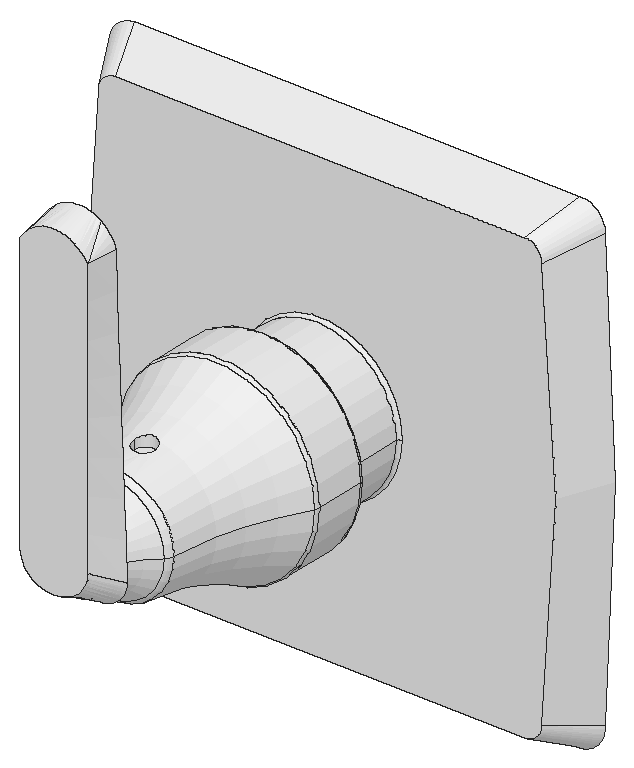
Revit family "Delta Ashlyn 3 Setting Diverter Trim 11864", category Plumbing Fixtures, host Wall, Revit 2013
Parameters (values of type "Delta Ashlyn 3 Setting Diverter Trim 11864")
  Width [instance] = 114.000 mm
  URL = "www.deltafaucet.com"
  Model = "11864"
  Manufacturer = "Delta Ashlyn"
  Height [instance] = 126.000 mm
  Faucet [instance] = Polished_Chrome
  Description = "Delta Ashlyn 3 Setting Diverter Trim 11864"
  Depth [instance] = 83.000 mm
Reference planes
  plane 1: y = 0
  plane 2 "Center (Left/Right)": x = 0
  plane 3 "Wall Edge": y = 76.2
Text (mm)
  text "Placement Side" at (0, 1019.848, 3124.603), in view "Right"
  text "Placement Side" at (-1787.662, 723.012, 0), in view "Ref. Level"
  text "Placement Side" at (0, 2073.289, 3571.227), in view "Left"
Dimensions and locks
  locked: plane 3 "Wall Edge" to host wall
  aligned and locked: plane 2 "Center (Left/Right)" to nested 1
  aligned and locked: nested 1 to host wall
Nested families
  nested 1: "fgt11864_bim" at (0, -112.551, 609.6), type "fgt11864_bim"
Definition of nested family "fgt11864_bim"
  Parameters (values of type "fgt11864_bim")
    Faucet = Polished_Chrome
  Reference planes
    plane 1 "Center (Front/Back)": y = 0
    plane 2: z = 0
    plane 3 "Center (Left/Right)": x = 0
    plane 4: z = 114
  Forms (mm)
    Revolve 1, solid, material "Polished_Chrome" <- "Faucet"
      sketch origin (-309.306, 36.351, 56.534) x (0, -1, 0) y (1, 0, 0)
        loop
          arc (10.16, 290.98) -> (10.616, 291.378) -> (11.21, 291.492) r 1.165
          line (11.21, 291.492) -> (25.907, 291.492) -> (25.907, 287.656)
          arc (25.907, 287.656) -> (26.052, 287.259) -> (26.418, 287.047) r 0.618
          line (26.418, 287.047) -> (38.093, 287.047)
          arc (38.093, 287.047) -> (38.602, 287.119) -> (39.071, 287.328) r 1.845
          spline (39.071, 287.328) -> (41.558, 288.758) -> (43.838, 289.873) -> (45.982, 290.806) -> (48.028, 291.637) -> (49.975, 292.375) -> (51.819, 293.027) -> (53.603, 293.606) -> (55.441, 294.129) -> (57.458, 294.617) -> (59.846, 295.088) -> (63.029, 295.549) -> (67.478, 296.007)
          arc (67.478, 296.007) -> (68.309, 296.412) -> (68.974, 297.054) r 2.952
          spline (68.974, 297.054) -> (70.033, 298.089) -> (70.935, 298.842) -> (71.695, 299.416) -> (72.346, 299.897) -> (72.955, 300.333) -> (73.594, 300.769) -> (74.32, 301.237) -> (75.062, 301.689) -> (75.688, 302.036) -> (76.162, 302.198) -> (76.661, 302.111) -> (77.075, 301.182)
          line (77.075, 301.182) -> (77.075, 309.161) -> (10.16, 309.161) -> (10.16, 290.98)
        axis (10.16, 309.161) -> (77.075, 309.161)
      angle from 0 to 360
    Blend 2, solid, material "Polished_Chrome" <- "Faucet"
      base sketch origin (-471.073, 35.716, 63.678) x (1, 0, 0) y (0, 0, 1)
        loop
          arc (415.894, 41.942) -> (413.814, -6.549) -> (415.983, -55.037) r 554.494
          arc (415.983, -55.037) -> (417.123, -59.732) -> (421.487, -61.809) r 5.623
          arc (421.487, -61.809) -> (471.09, -63.678) -> (520.693, -61.809) r 659.159
          arc (520.693, -61.809) -> (524.896, -59.875) -> (526.162, -55.425) r 5.535
          arc (526.162, -55.425) -> (528.366, -6.411) -> (526.228, 42.607) r 554.494
          arc (526.228, 42.607) -> (524.607, 46.52) -> (520.693, 48.142) r 5.535
          arc (520.693, 48.142) -> (471.09, 50.322) -> (421.487, 48.142) r 565.27
          arc (421.487, 48.142) -> (417.312, 46.285) -> (415.894, 41.942) r 5.623
      top sketch origin (-471.073, 35.716, 63.678) x (1, 0, 0) y (0, 0, 1)
        loop
          arc (421.487, 39.086) -> (418.463, -7.093) -> (421.487, -53.271) r 354.174
          arc (421.487, -53.271) -> (422.608, -55.978) -> (425.315, -57.1) r 3.828
          arc (425.315, -57.1) -> (470.928, -58.8) -> (516.541, -57.1) r 612.768
          arc (516.541, -57.1) -> (519.248, -55.978) -> (520.369, -53.271) r 3.828
          arc (520.369, -53.271) -> (523.393, -7.093) -> (520.369, 39.086) r 354.174
          arc (520.369, 39.086) -> (519.248, 41.793) -> (516.541, 42.914) r 3.828
          arc (516.541, 42.914) -> (470.928, 44.614) -> (425.315, 42.914) r 612.768
          arc (425.315, 42.914) -> (422.608, 41.793) -> (421.487, 39.086) r 3.828
      from -0.635 to 9.525
    Blend 3, solid, material "Polished_Chrome" <- "Faucet"
      base sketch origin (194.708, 118.523, 117.36) x (1, 0, 0) y (0, 0, 1)
        loop
          line (-203.31, 2.765) -> (-204.459, -63.065)
          arc (-204.459, -63.065) -> (-202.843, -66.964) -> (-198.944, -68.58) r 5.515
          arc (-198.944, -68.58) -> (-194.651, -68.85) -> (-190.359, -68.58) r 34.169
          arc (-190.359, -68.58) -> (-186.286, -66.892) -> (-184.599, -62.82) r 5.76
          line (-184.599, -62.82) -> (-187.184, 2.765)
          arc (-187.184, 2.765) -> (-188.364, 5.39) -> (-190.427, 7.398) r 7.692
          arc (-190.427, 7.398) -> (-195.247, 8.845) -> (-200.066, 7.398) r 8.747
          arc (-200.066, 7.398) -> (-202.129, 5.39) -> (-203.31, 2.765) r 7.692
      top sketch origin (194.708, 118.523, 117.36) x (1, 0, 0) y (0, 0, 1)
        loop
          arc (-202.809, -59.131) -> (-201.716, -62.769) -> (-198.799, -65.204) r 6.604
          arc (-198.799, -65.204) -> (-195.264, -65.927) -> (-191.729, -65.204) r 8.999
          arc (-191.729, -65.204) -> (-188.812, -62.769) -> (-187.719, -59.131) r 6.604
          line (-187.719, -59.131) -> (-187.719, 2.747)
          arc (-187.719, 2.747) -> (-195.264, 7.163) -> (-202.809, 2.747) r 8.654
          line (-202.809, 2.747) -> (-202.809, -59.131)
      from 159.055 to 166.053
    Extrusion 4, void
      sketch origin (-309.306, 36.351, 63.678) x (0, -1, 0) y (1, 0, 0)
        loop
          circle (59.054, 309.14) r 2.551
      from 5.099 to 15.481
  Cuts and joins
    Extrusion 4 cuts Revolve 1
  Dimensions and locks
    plane 4 to level = 114.000 mm
    aligned and locked: plane 2 to level
    aligned and locked: Revolve 1 to Blend 2
